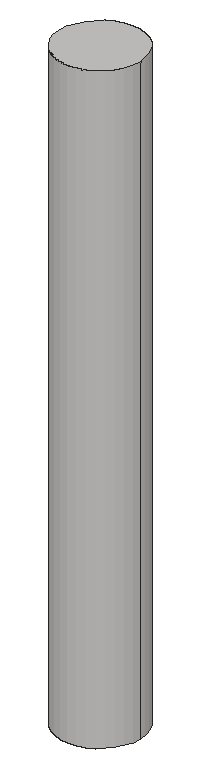
Revit family "PRD_AR_ShwrFttngsPckg_Anti-twistProtection_ZAQUA004", category Specialty Equipment, Revit 2018
Family settings
  Round Connector Dimension = Use Diameter
  Part Type = Normal
  OmniClass Number = 23.45.05.14.99
  OmniClass Title = Other Sanitary Washing Plumbing Fixtures
  Work Plane-Based = Yes
  Always vertical = Yes
  Cut with Voids When Loaded = No
  Shared = Yes
  Room Calculation Point = No
Parameters (values of type "ZAQUA004")
  WarrantyStartDate [instance] = "1900-12-31T23:59:59"
  WarrantyGuarantorParts = "n/a"
  WarrantyGuarantorLabor = "n/a"
  WarrantyDurationUnit = "year"
  WarrantyDurationParts = "n/a"
  WarrantyDurationLabor = "n/a"
  WarrantyDescription = "n/a"
  Version = "1"
  Uniclass2015Version = "Products v1.17"
  Uniclass2015Title = "Shower fittings package"
  Uniclass2015Code = "Pr_40_20_87_75"
  URL = "www.kwc.com"
  TagNumber [instance] = "n/a"
  SustainabilityPerformance = "n/a"
  Status = "New"
  Size = "n/a"
  Shape = "n/a"
  SerialNumber [instance] = "n/a"
  Revision = "n/a"
  ReplacementCost = "n/a"
  Reference = "n/a"
  QuantityUom = "Piece"
  Quantity = "1"
  ProductInformation = "https://pim.kwc.com/product/2000101108/attachment/datasheet?locale=en"
  ProductCode = "210.0574.630"
  NominalWidth = 0 mm
  NominalLength = 0 mm
  NominalHeight = 30 mm
  NominalDepth = 0 mm
  NetWeight = 0.003 kg
  Name = "Anti-twist protection ZAQUA004"
  NBSTypeID = "n/a"
  NBSReference = "45-35-70/330"
  NBSOfficeMasterTag = "n/a"
  NBSNote = "n/a"
  NBSDescription = "Shower fittings package"
  NBSCertification = "n/a"
  ModelReference = "ZAQUA004"
  ModelNumber = "2000101108"
  Model = ModelReference  # "ZAQUA004"
  Material = "n/a"
  ManufacturerURL = "www.kwc.com"
  ManufacturerName = "KWC Group AG"  # constant formula
  Manufacturer = ManufacturerName  # "KWC Group AG"
  IntegralAccessories = "n/a"
  InstallationDate [instance] = "1900-12-31T23:59:59"
  IfcExportType = "USERDEFINED"
  IfcExportAs = "IfcSanitaryTerminalType"
  GrossWeight = 0.02 kg
  Grade = "n/a"
  Finish = "n/a"
  Features = "for shower head DN 15 AQUAJET-Slimline / AQUAJET-Comfort"
  ExpectedLife = "n/a"
  DurationUnit = "year"
  Description = "Twist-proof set for shower head DN 15 AQUAJET-Slimline / AQUAJET-Comfort."
  Default Elevation = 1219.2 mm
  CreatedOn = "08/2021"  # constant formula
  Constituents = "n/a"
  Color = "n/a"
  CodePerformance = "n/a"
  Category = "Pr_40_20_87_75, Shower fittings package"
  BodyMaterial = PRD_AR_Steel
  BarCode [instance] = "n/a"
  BIMObjectName = "PRD_AR_ShowerFittingsPackage_Anti-twistProtection_ZAQUA004"
  Author = "Archispace"  # constant formula
  AssetType = "Fixed"
  AssetIdentifier [instance] = "n/a"
  AccessibilityPerformance = "n/a"
Reference planes
  plane 1 "Center (Front/Back)": y = 0
  plane 2: z = 0
  plane 3 "Center (Left/Right)": x = 0
Forms (mm)
  Extrusion 1, solid, material "PRD_AR_Steel" <- "BodyMaterial"
    sketch origin (0, 0, 0) x (1, 0, 0) y (0, 1, 0)
      loop
        circle (0, 0) r 2
    from 0 to 30
Dimensions and locks
  aligned and locked: level to plane 2
